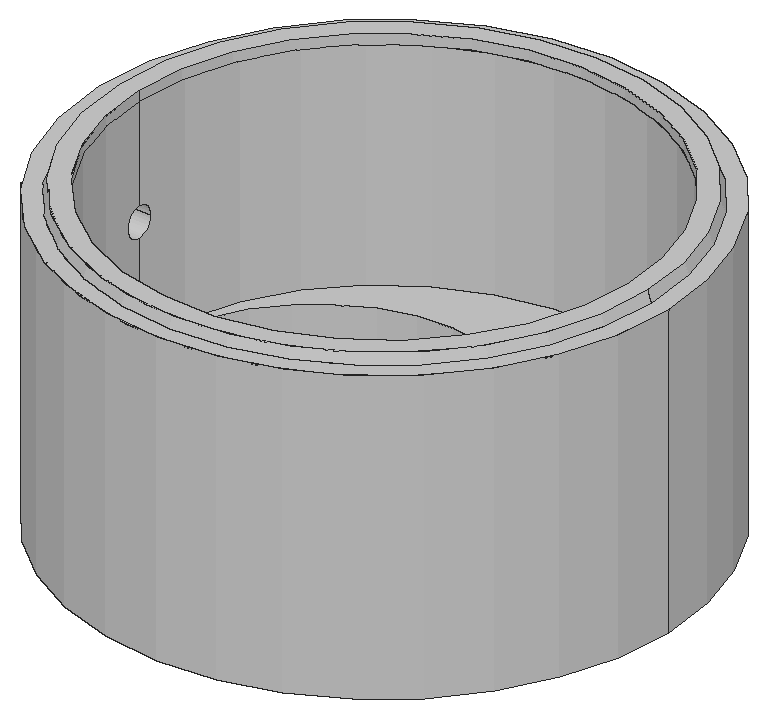
Revit family "KSPF.V. 10.6", category Фундамент несущей конструкции, Revit 2025
Family settings
  Материал для поведения модели = Прочее
  Заглушка = Нет
  Номер OmniClass = 23.25.05.00
  Заголовок OmniClass = Foundations
  На основе рабочей плоскости = Нет
  Всегда вертикально = Да
  При загрузке вырезать с полостями = Нет
  Общий = Нет
  Показывать семейство разрезанным на планах = Да
Parameters
  Петля = Петля_П1_П2 : П2
Reference planes
  plane 1 "По центру (Вперед/Назад)": y = -35
  plane 2: z = 0
  plane 3 "По центру (Влево/Вправо)": x = 0
  plane 4: z = 610
  plane 5: z = 590
  plane 6: x = -500
  plane 7: x = 500
  plane 8: x = -580
  plane 9: x = 500
  plane 10: x = 580
  plane 11: z = 20
  plane 12: x = -545.345
  plane 13: z = 370
  plane 14: x = 570
  plane 15: x = -570
  plane 16: z = 150
  plane 17: x = -500
  plane 18: x = 210
  plane 19: x = -140
  plane 20: through (-538.266, -4572, 609.268) normal (-0.9397, 0, 0.342)
  plane 21: x = 545.345
  plane 22: through (538.266, -4572, 609.268) normal (-0.9397, 0, -0.342)
  plane 23: x = -538
  plane 24: x = 538
  plane 25: x = 500
  plane 26: x = -490
Forms (mm)
  Extrusion 1, solid, material "Бетон В15"
    sketch origin (0, 0, 0) x (1, 0, 0) y (0, 1, 0)
      loop
        circle (0, -35) r 580
      loop
        circle (0, -35) r 500
    from 0 to 590
  Extrusion 2, void
    sketch origin (0, 0, -20) x (0, 1, 0) y (0, 0, 1)
      loop
        circle (-35, 390) r 30
    from -570 to 570
  Extrusion 3, solid, material "Бетон В15"
    sketch origin (0, 0, 0) x (1, 0, 0) y (0, 1, 0)
      loop
        circle (0, -35) r 500
    from 0 to 150
  Extrusion 4, void
    sketch origin (0, 0, 0) x (1, 0, 0) y (0, 1, 0)
      loop
        circle (-140, -35) r 350
    from 0 to 150
  Blend 5, solid, material "Бетон В15"
    base sketch origin (0, 0, 0) x (1, 0, 0) y (0, 1, 0)
      loop
        circle (0, -35) r 545.345
    top sketch origin (0, 0, 0) x (1, 0, 0) y (0, 1, 0)
      loop
        circle (0, -35) r 538
    from 590 to 610
  Extrusion 6, void
    sketch origin (0, 0, 0) x (1, 0, 0) y (0, 1, 0)
      loop
        circle (0, -35) r 500
    from 590 to 610
Cuts and joins
  Extrusion 2, Extrusion 6 cuts Extrusion 1
  Extrusion 4, Extrusion 6 cuts Extrusion 3
  Extrusion 6 cuts Blend 5
  joined: Extrusion 1, Extrusion 3, Blend 5
Dimensions and locks
  plane 4 to level = 610 mm
  cut or joined group of Extrusion 1, Extrusion 2, Extrusion 3, Extrusion 4, Blend 5, Extrusion 6 to plane 13 = 370 mm
  plane 13 to level = 370 mm
  aligned and locked: plane 2 to level
